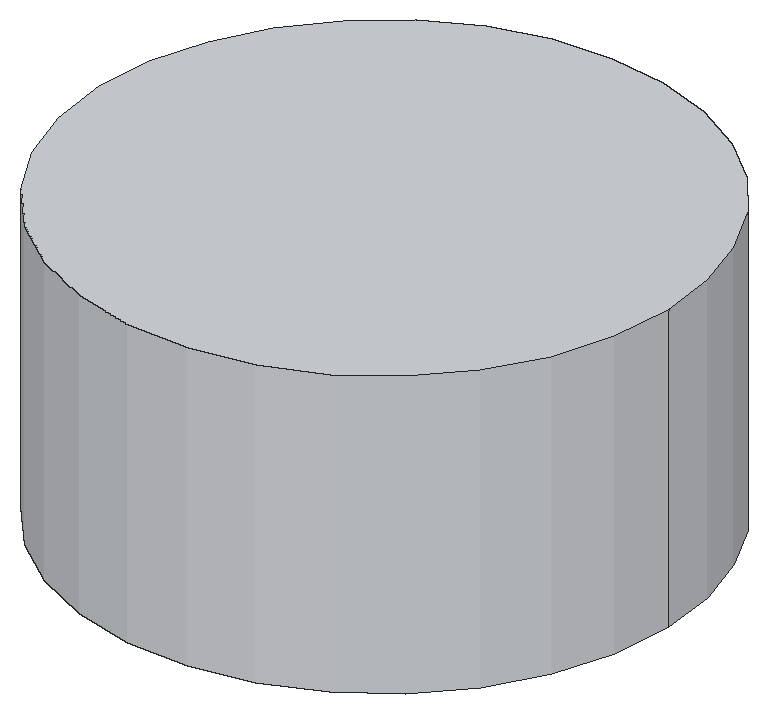
Revit family "10771000", category Specialty Equipment, Revit 2023
Family settings
  Round Connector Dimension = Use Diameter
  Part Type = Normal
  OmniClass Number = 23.40.40.00
  OmniClass Title = Food Service Equipment and Furnishings
  Work Plane-Based = No
  Enable Cutting in Views = Yes
  Always vertical = Yes
  Cut with Voids When Loaded = No
  Maintain Annotation Orientation = No
  Shared = No
  Room Calculation Point = No
Parameters (values of type "Standard")
  URL = "www.rustfriebergh.no"
  Model = "10771000"
  Manufacturer = "Rustfriebergh AS"
  Description = "Vinskap 1000 x 550 x 2130"
  Default Elevation = 0 mm
Reference planes
  plane 1 "Center (Front/Back)": y = 0
  plane 2: z = 0
  plane 3 "Center (Left/Right)": x = 0
Forms (mm)
  Extrusion 1, solid
    sketch origin (270, 200, 108) x (1, 0, 0) y (0, 1, 0)
      loop
        circle (0, 0) r 3.048
    from 0 to -3.048
Dimensions and locks
  aligned and locked: level to plane 2
Connectors
  electrical at (270, 200, 108)
    settings: on Extrusion 1, index 1, voltage 230 V, apparent load 815 VA, apparent load phase1 0 VA, apparent load phase2 0 VA, apparent load phase3 0 VA, power factor 0, load classification "50 HZ", number of poles 1, system type 30, power factor state 1, is connector primary yes, connector utility no, sub classification motor no, connector description "Strømart"
